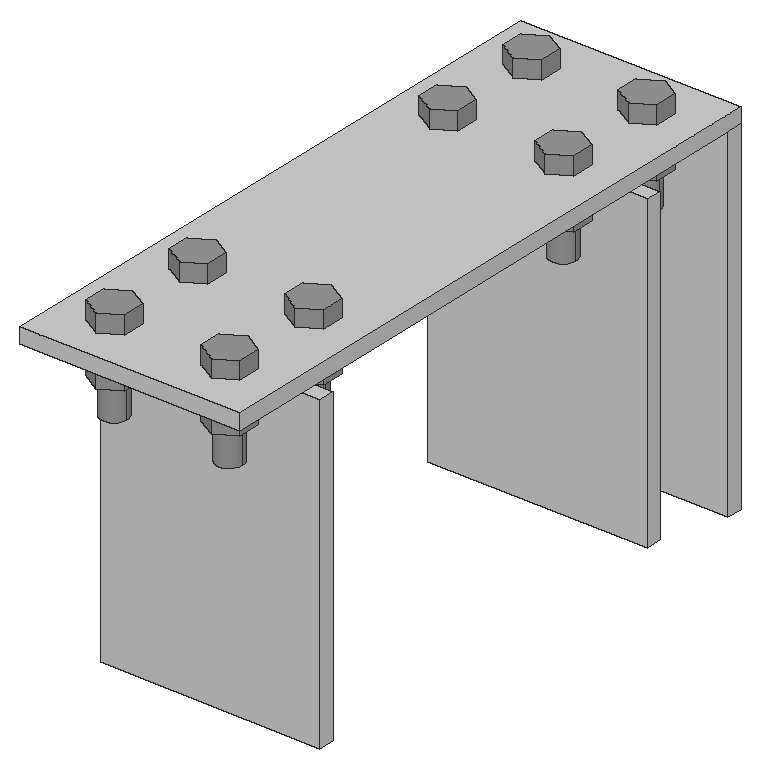
Revit family "051200 - Structural Steel Framing - Moment Frame - Bolted", category Structural Connections, Revit 2019
Family settings
  Material for Model Behavior = Other
  Work Plane-Based = Yes
  Enable cutting in views = Yes
  Always vertical = No
  Cut with Voids When Loaded = No
  Shared = No
Parameters (values of type "1")
  b = 0' - 2 1/2"
  Web Stiffner - Thickness = 0' - 0 3/8"
  Web Stiffiner Material = BOLTED MOMENT FRAME CONNECTION W/ WEB STIFFENERS
  Web - Horz. - Height = 0' - 10 51/256"
  Web - Height = 0' - 8 9/32"
  Flange - Thickness = 0' - 0 51/128"
  Default Elevation = 4' - 0"
  Bolt Inset - Vertical = 0' - 1 1/4"
  Bolt Inset - Horz. = 0' - 1 1/4"
  Base Plate - Thickness = 0' - 0 3/8"
  Back Plate - Width = 0' - 5 69/256"
  Back Plate - Height = 1' - 3"
Reference planes (in)
  plane 1 "Center (Front/Back)": y = 0
  plane 2: z = 0
  plane 3 "Center (Left/Right)": x = 0
  plane 4: x = -2.63477
  plane 5: x = 2.63477
  plane 6: z = 4
  plane 7: y = 7.5
  plane 8: y = -7.5
  plane 9: z = -8.28125
  plane 10: z = -0.39844
  plane 11: z = -7.88281
  plane 12: z = 0.375
  plane 13: x = -1.38477
  plane 14: x = 1.38477
  plane 15: y = 6.25
  plane 16: y = 3.75
  plane 17: y = -6.25
  plane 18: y = -3.75
  plane 19: y = 5.09961
  plane 20: y = -5.09961
  plane 21: y = 4.72461
  plane 22: y = -4.72461
  plane 23: y = 7.125
Forms (in)
  Extrusion 1, solid, material "BOLTED MOMENT FRAME CONNECTION W/ WEB STIFFENERS" <- "Web Stiffiner Material"
    sketch origin (0, 0, 0) x (1, 0, 0) y (0, 1, 0)
      loop
        line (-2.63477, 7.5) -> (-2.63477, -7.5) -> (2.63477, -7.5) -> (2.63477, 7.5) -> (-2.63477, 7.5)
    from 0 to 0.375
  Extrusion 2, solid, material "BOLTED MOMENT FRAME CONNECTION W/ WEB STIFFENERS" <- "Web Stiffiner Material"
    sketch origin (-14.00443, -5.09961, 48) x (-1, 0, 0) y (0, 0, 1)
      loop
        line (-11.36966, -48.39844) -> (-16.63919, -48.39844) -> (-16.63919, -55.88281) -> (-11.36966, -55.88281) -> (-11.36966, -48.39844)
    from 0 to 0.375
  Extrusion 3, solid, material "BOLTED MOMENT FRAME CONNECTION W/ WEB STIFFENERS" <- "Web Stiffiner Material"
    sketch origin (-13.21319, 5.09961, 48) x (-1, 0, 0) y (0, 0, 1)
      loop
        line (-10.57842, -48.39844) -> (-15.84795, -48.39844) -> (-15.84795, -55.88281) -> (-10.57842, -55.88281) -> (-10.57842, -48.39844)
    from 0 to -0.375
  Extrusion 4, solid, material "BOLTED MOMENT FRAME CONNECTION W/ WEB STIFFENERS" <- "Web Stiffiner Material"
    sketch origin (-13.21319, 7.5, 48) x (-1, 0, 0) y (0, 0, 1)
      loop
        line (-10.57842, -48) -> (-15.84795, -48) -> (-15.84795, -56.28125) -> (-10.57842, -56.28125) -> (-10.57842, -48)
    from 0 to -0.375
Dimensions and locks (in)
  equal spacing: plane 4, plane 3 "Center (Left/Right)", plane 5
  plane 6 to plane 2 = 0' - 4"
  equal spacing: plane 7, plane 1 "Center (Front/Back)", plane 8
  "Back Plate - Height": plane 7 to plane 8
  "Back Plate - Width": plane 4 to plane 5
  "Web - Height": plane 9 to plane 2
  "Flange - Thickness": plane 10 to plane 2
  "Flange - Thickness": plane 9 to plane 11
  "Base Plate - Thickness": plane 2 to plane 12
  "Bolt Inset - Horz.": plane 4 to plane 13
  "Bolt Inset - Horz.": plane 14 to plane 5
  "Bolt Inset - Vertical": plane 7 to plane 15
  "b": plane 15 to plane 16
  "Bolt Inset - Vertical": plane 17 to plane 8
  "b": plane 18 to plane 17
  equal spacing: plane 20, plane 1 "Center (Front/Back)", plane 19
  "Web - Horz. - Height": plane 20 to plane 19
  "Web Stiffner - Thickness": plane 21 to plane 19
  "Web Stiffner - Thickness": plane 20 to plane 22
  "Web Stiffner - Thickness": plane 7 to plane 23
  aligned and locked: plane 2 to level
  aligned and locked: Extrusion 1 sketch curve to plane 7
  aligned and locked: Extrusion 1 sketch curve to plane 5
  aligned and locked: plane 8 to Extrusion 1 sketch curve
  aligned and locked: plane 4 to Extrusion 1 sketch curve
  aligned and locked: plane 12 to Extrusion 1
  aligned and locked: Extrusion 2 sketch curve to plane 5
  aligned and locked: Extrusion 2 sketch curve to plane 10
  aligned and locked: plane 4 to Extrusion 2 sketch curve
  aligned and locked: plane 11 to Extrusion 2 sketch curve
  aligned and locked: plane 14 to nested 2
  aligned and locked: nested 4 to plane 16
  aligned and locked: nested 3 to plane 16
  aligned and locked: nested 8 to plane 17
  aligned and locked: nested 7 to plane 17
  aligned and locked: nested 6 to plane 18
  aligned and locked: nested 5 to plane 18
  aligned and locked: plane 13 to nested 5
  aligned and locked: plane 14 to nested 6
  aligned and locked: plane 14 to nested 8
  aligned and locked: plane 13 to nested 7
  aligned and locked: plane 14 to nested 4
  aligned and locked: plane 13 to nested 3
  aligned and locked: plane 13 to nested 1
  aligned and locked: plane 10 to nested 8
  aligned and locked: plane 10 to nested 4
  aligned and locked: plane 10 to nested 2
  aligned and locked: plane 10 to nested 7
  aligned and locked: plane 10 to nested 5
  aligned and locked: plane 10 to nested 3
  aligned and locked: plane 10 to nested 1
  aligned and locked: Extrusion 3 to plane 21
  aligned and locked: plane 22 to Extrusion 2
  aligned and locked: nested 2 to plane 15
  aligned and locked: nested 1 to plane 15
  aligned and locked: Extrusion 4 to plane 23
  aligned and locked: plane 10 to nested 6
  aligned and locked: Extrusion 4 sketch curve to plane 2
  aligned and locked: plane 9 to Extrusion 4 sketch curve
Automatic sketch dimensions
  Extrusion 3 sketch curve to plane 5 = 0' - 0"
  Extrusion 3 sketch curve to plane 4 = 0' - 0"
  Extrusion 3 sketch curve to plane 11 = 0' - 0"
  Extrusion 3 sketch curve to plane 10 = 0' - 0"
  Extrusion 4 sketch curve to plane 5 = 0' - 0"
  Extrusion 4 sketch curve to plane 4 = 0' - 0"
Nested families (in)
  nested 1: "050523 - W_P_C - Fastenings - Lag Bolt or Thru Bolt" at (-1.38477, 6.25, 0.375), type "5/8""
    with Thickness_of_Substrate 0' - 0 99/128", Nut_Visibility yes, Bolt Material (Size) 5/8" THRU BOLTS, Length 0' - 2"
  nested 2: "050523 - W_P_C - Fastenings - Lag Bolt or Thru Bolt" at (1.38477, 6.25, 0.375), type "5/8""
    with Thickness_of_Substrate 0' - 0 99/128", Nut_Visibility yes, Bolt Material (Size) 5/8" THRU BOLTS, Length 0' - 2"
  nested 3: "050523 - W_P_C - Fastenings - Lag Bolt or Thru Bolt" at (-1.38477, 3.75, 0.375), type "5/8""
    with Thickness_of_Substrate 0' - 0 99/128", Nut_Visibility yes, Bolt Material (Size) 5/8" THRU BOLTS, Length 0' - 2"
  nested 4: "050523 - W_P_C - Fastenings - Lag Bolt or Thru Bolt" at (1.38477, 3.75, 0.375), type "5/8""
    with Thickness_of_Substrate 0' - 0 99/128", Nut_Visibility yes, Bolt Material (Size) 5/8" THRU BOLTS, Length 0' - 2"
  nested 5: "050523 - W_P_C - Fastenings - Lag Bolt or Thru Bolt" at (-1.38477, -3.75, 0.375), type "5/8""
    with Thickness_of_Substrate 0' - 0 99/128", Nut_Visibility yes, Bolt Material (Size) 5/8" THRU BOLTS, Length 0' - 2"
  nested 6: "050523 - W_P_C - Fastenings - Lag Bolt or Thru Bolt" at (1.38477, -3.75, 0.375), type "5/8""
    with Thickness_of_Substrate 0' - 0 99/128", Nut_Visibility yes, Bolt Material (Size) 5/8" THRU BOLTS, Length 0' - 2"
  nested 7: "050523 - W_P_C - Fastenings - Lag Bolt or Thru Bolt" at (-1.38477, -6.25, 0.375), type "5/8""
    with Thickness_of_Substrate 0' - 0 99/128", Nut_Visibility yes, Bolt Material (Size) 5/8" THRU BOLTS, Length 0' - 2"
  nested 8: "050523 - W_P_C - Fastenings - Lag Bolt or Thru Bolt" at (1.38477, -6.25, 0.375), type "5/8""
    with Thickness_of_Substrate 0' - 0 99/128", Nut_Visibility yes, Bolt Material (Size) 5/8" THRU BOLTS, Length 0' - 2"
Definition of nested family "050523 - W_P_C - Fastenings - Lag Bolt or Thru Bolt"
  Parameters (values of type "1/2" x 3"")
    Thickness_of_Substrate [instance] = 0' - 1"
    Side = Head Size * 0.57812  # 0' - 0 111/256"
    Radius = Diameter / 2  # 0' - 0 1/4"
    Nut_Visibility [instance] = yes
    Length = 0' - 3"
    Head Size = 0' - 0 3/4"
    Head Radius = Head Size / 2  # 0' - 0 3/8"
    Head Height = 0' - 0 27/64"
    Diameter = 0' - 0 1/2"
    Default Elevation = 4' - 0"
    Bolt Material (Size) [instance] = none
  Types (23): name | Side | Radius | Length | Head Size | Head Radius | Head Height | Diameter
    1/2" x 3" | 0' - 0 111/256" | 0' - 0 1/4" | 0' - 3" | 0' - 0 3/4" | 0' - 0 3/8" | 0' - 0 27/64" | 0' - 0 1/2"
    1/4" x 3" | 0' - 0.25293" | 0' - 0 1/8" | 0' - 3" | 0' - 0 7/16" | 0' - 0 7/32" | 0' - 0 11/64" | 0' - 0 1/4"
    5/16" x 3" | 0' - 0 37/128" | 0' - 0 5/32" | 0' - 3" | 0' - 0 1/2" | 0' - 0 1/4" | 0' - 0 7/32" | 0' - 0 5/16"
    3/8" x 3" | 0' - 0.3252" | 0' - 0 3/16" | 0' - 3" | 0' - 0 9/16" | 0' - 0 9/32" | 0' - 0 1/4" | 0' - 0 3/8"
    7/16" x 3" | 0' - 0.36133" | 0' - 0 7/32" | 0' - 3" | 0' - 0 5/8" | 0' - 0 5/16" | 0' - 0 19/64" | 0' - 0 7/16"
    5/8" x 3" | 0' - 0.54199" | 0' - 0 5/16" | 0' - 3" | 0' - 0 15/16" | 0' - 0 15/32" | 0' - 0 27/64" | 0' - 0 5/8"
    1/2" x 2 1/2" | 0' - 0 111/256" | 0' - 0 1/4" | 0' - 2 1/2" | 0' - 0 3/4" | 0' - 0 3/8" | 0' - 0 11/32" | 0' - 0 1/2"
    3/4" x 2" | 0' - 0.65039" | 0' - 0 3/8" | 0' - 2" | 0' - 1 1/8" | 0' - 0 9/16" | 0' - 0 1/2" | 0' - 0 3/4"
    3/8" x 1" | 0' - 0.3252" | 0' - 0 3/16" | 0' - 1" | 0' - 0 9/16" | 0' - 0 9/32" | 0' - 0 1/4" | 0' - 0 3/8"
    1/2" x 4" | 0' - 0 111/256" | 0' - 0 1/4" | 0' - 4" | 0' - 0 3/4" | 0' - 0 3/8" | 0' - 0 1/2" | 0' - 0 1/2"
    1/2" x 2" | 0' - 0 111/256" | 0' - 0 1/4" | 0' - 2" | 0' - 0 3/4" | 0' - 0 3/8" | 0' - 0 1/2" | 0' - 0 1/2"
    ONE | 0' - 0 111/128" | 0' - 0 1/2" | 0' - 3" | 0' - 1 1/2" | 0' - 0 3/4" | 0' - 0 151/256" | 0' - 1"
    3/4" x 4" | 0' - 0.65039" | 0' - 0 3/8" | 0' - 3" | 0' - 1 1/8" | 0' - 0 9/16" | 0' - 0 1/2" | 0' - 0 3/4"
    #10 | 0' - 0.1626" | 0' - 0.09961" | 0' - 4" | 0' - 0 9/32" | 0' - 0 9/64" | 0' - 0 1/8" | 0' - 0 51/256"
    1/4" | 0' - 0.25293" | 0' - 0 1/8" | 0' - 4" | 0' - 0 7/16" | 0' - 0 7/32" | 0' - 0 11/64" | 0' - 0 1/4"
    1" | 0' - 0 111/128" | 0' - 0 1/2" | 0' - 4" | 0' - 1 1/2" | 0' - 0 3/4" | 0' - 0 43/64" | 0' - 1"
    7/8" | 0' - 0.75879" | 0' - 0 7/16" | 0' - 4" | 0' - 1 5/16" | 0' - 0 21/32" | 0' - 0 37/64" | 0' - 0 7/8"
    5/8" | 0' - 0.54199" | 0' - 0 5/16" | 0' - 10 1/2" | 0' - 0 15/16" | 0' - 0 15/32" | 0' - 0 27/64" | 0' - 0 5/8"
    1/2" | 0' - 0 111/256" | 0' - 0 1/4" | 0' - 4" | 0' - 0 3/4" | 0' - 0 3/8" | 0' - 0 1/2" | 0' - 0 1/2"
    3/4" | 0' - 0.65039" | 0' - 0 3/8" | 0' - 7" | 0' - 1 1/8" | 0' - 0 9/16" | 0' - 0 1/2" | 0' - 0 3/4"
    3/8" | 0' - 0.3252" | 0' - 0 3/16" | 0' - 4" | 0' - 0 9/16" | 0' - 0 9/32" | 0' - 0 1/4" | 0' - 0 3/8"
    5/8" x 6" | 0' - 0.54199" | 0' - 0 5/16" | 0' - 6" | 0' - 0 15/16" | 0' - 0 15/32" | 0' - 0 27/64" | 0' - 0 5/8"
    5/8" x 7" | 0' - 0.54199" | 0' - 0 5/16" | 0' - 7" | 0' - 0 15/16" | 0' - 0 15/32" | 0' - 0 27/64" | 0' - 0 5/8"
  Reference planes (in)
    plane 1 "Center (Front/Back)": y = 0
    plane 2: z = 0
    plane 3 "Center (Left/Right)": x = 0
    plane 4: z = 0.42187
    plane 5: z = -3
    plane 6: y = 0
    plane 7: x = 0
    plane 8: z = -1
  Forms (in)
    Extrusion 1, solid, material <- "Bolt Material (Size)"
      sketch origin (0, 0, 0) x (1, 0, 0) y (0, 1, 0)
        loop
          circle (0, 0) r 0.25
      from -3 to 0
  Lines and regions (in)
    model lines
      curve 1: line (0, -0.64952, 0.42188) -> (0, 0.64952, 0.42188)
      curve 2: line (0.375, 0, 0.42188) -> (-0.375, 0, 0.42188)
    symbolic lines
      curve 3: line (0, 0, 0.42187) -> (0, 0, -3)
      curve 4: line (0, 0, 0.42187) -> (0, 0, -3)
  Dimensions and locks (in)
    "Head Height": plane 4 to level
    "Length": level to plane 5
    "Thickness_of_Substrate": plane 2 to plane 8
    "Radius": radius of Extrusion 1 sketch curve
    aligned and locked: level to plane 2
    aligned and locked: Extrusion 1 to plane 5
    aligned and locked: plane 7 to curve 1
    aligned and locked: plane 6 to curve 2
    aligned and locked: plane 6 to curve 4
  Automatic sketch dimensions
    curve 3 to plane 3 "Center (Left/Right)" = 0' - 0"
    curve 3 to plane 5 = 0' - 0"
    curve 3 to plane 4 = 0' - 0"
    curve 4 to plane 5 = 0' - 0"
    curve 4 to plane 4 = 0' - 0"
    curve 1 to curve 2 = 0' - 0.64952"
    curve 2 to curve 1 = 0' - 0.64952"
    curve 2 to nested 1 = 0' - 0"  (x2)
    plane 1 "Center (Front/Back)" to Extrusion 1 sketch curve = 0' - 0"
    Extrusion 1 sketch curve to plane 3 "Center (Left/Right)" = 0' - 0"
  Nested families (in)
    nested 1: "Nut" at (0, 0, 0), Diameter <- "Diameter", Head Height <- "Head Height", Head Size <- "Head Size", Bolt Material (Size) <- "Bolt Material (Size)", type "one"
      with Side 0' - 0 111/256", Radius 0' - 0 1/4", Head Size 0' - 0 3/4", Head Radius 0' - 0 3/8", Head Height 0' - 0 27/64", Diameter 0' - 0 1/2", Bolt Material (Size) none
    nested 2: "Nut" at (0, 0, -1) x (1, 0, 0) z (0, 0, -1), Diameter <- "Diameter", Head Height <- "Head Height", Head Size <- "Head Size", visible <- "Nut_Visibility", type "one"
      with Side 0' - 0 111/256", Radius 0' - 0 1/4", Head Size 0' - 0 3/4", Head Radius 0' - 0 3/8", Head Height 0' - 0 27/64", Diameter 0' - 0 1/2", Bolt Material (Size) none
  Definition of nested family "Nut"
    Parameters (values of type "one")
      Side [instance] = Head Size * 0.57812  # 0' - 0 111/256"
      Radius [instance] = Diameter / 2  # 0' - 0 1/4"
      Head Size [instance] = 0' - 0 3/4"
      Head Radius [instance] = Head Size / 2  # 0' - 0 3/8"
      Head Height [instance] = 0' - 0 11/32"
      Diameter [instance] = 0' - 0 1/2"
      Default Elevation = 4' - 0"
      Bolt Material (Size) [instance] = none
    Reference planes (in)
      plane 1 "Center (Front/Back)": y = 0
      plane 2: z = 0
      plane 3 "Center (Left/Right)": x = 0
      plane 4: z = 0.34375
      plane 5: y = 0
      plane 6: x = 0
    Forms (in)
      Extrusion 1, solid, material <- "Bolt Material (Size)"
        sketch origin (0, 0, 0) x (1, 0, 0) y (0, 1, 0)
          loop
            line (0, 0.43301) -> (-0.375, 0.21651) -> (-0.375, -0.21651) -> (0, -0.43301) -> (0.375, -0.21651) -> (0.375, 0.21651) -> (0, 0.43301)
        from 0 to 0.34375
    Lines and regions (in)
      symbolic lines
        curve 1: line (0, 0, 0.34375) -> (0, 0, -3)
    Dimensions and locks (in)
      "Head Height": plane 4 to level
      "Head Radius": Extrusion 1 sketch curve to plane 3 "Center (Left/Right)"
      "Head Radius": Extrusion 1 sketch curve to plane 6
      "Head Radius": Extrusion 1 sketch curve to plane 5  (x2)
      locked: Extrusion 1 sketch curve to Extrusion 1 sketch curve (angle 120.00°)  (x5)
      aligned and locked: level to plane 2
      aligned and locked: Extrusion 1 to plane 4
      aligned and locked: plane 5 to curve 1
    Automatic sketch dimensions
      curve 1 to plane 4 = 0' - 0"
      curve 1 to level = 0' - 3"
      Extrusion 1 sketch curve to plane 3 "Center (Left/Right)" = 0' - 0"  (x2)
